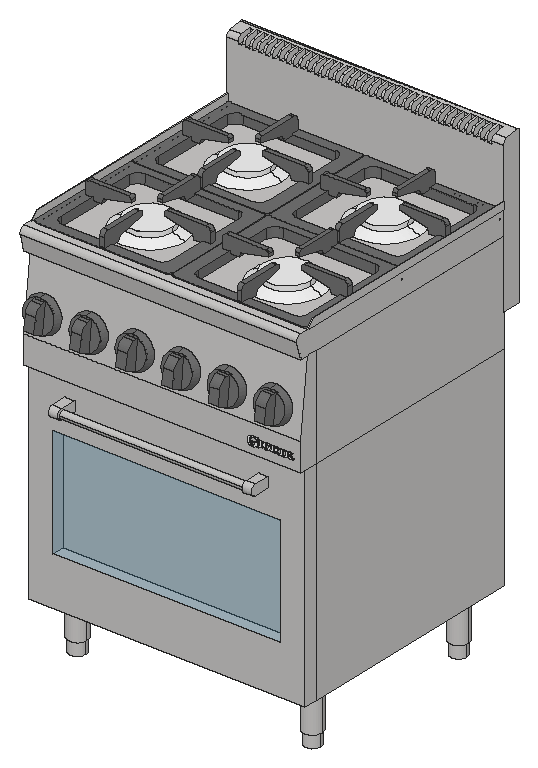
Revit family "QF_GIORIK_LPG694E", category Specialty Equipment, Revit 2014 (continued)
Lines and regions (mm)
  symbolic lines, style "200-EquipInternal-2D"
    curve 284: arc (453.85, -362.674, 990) -> (501.883, -384.474, 990) -> (523.683, -432.507, 990) r 75
    curve 285: arc (443.85, -362.674, 990) -> (395.817, -384.474, 990) -> (374.017, -432.507, 990) r 75
    curve 286: arc (374.017, -442.507, 990) -> (395.817, -490.54, 990) -> (443.85, -512.34, 990) r 75
    curve 287: arc (453.85, -512.34, 990) -> (501.883, -490.54, 990) -> (523.683, -442.507, 990) r 75
    curve 288: arc (348.85, -550.007, 990) -> (334.708, -544.149, 990) -> (328.85, -530.007, 990) r 20
    curve 289: arc (568.85, -530.007, 990) -> (562.992, -544.149, 990) -> (548.85, -550.007, 990) r 20
    curve 290: arc (548.85, -325.007, 990) -> (562.992, -330.865, 990) -> (568.85, -345.007, 990) r 20
    curve 291: arc (328.85, -345.007, 990) -> (334.708, -330.865, 990) -> (348.85, -325.007, 990) r 20
    curve 292: line (328.85, -345.007, 990) -> (328.85, -432.507, 990)
    curve 293: line (328.85, -442.507, 990) -> (328.85, -530.007, 990)
    curve 294: line (348.85, -550.007, 990) -> (443.85, -550.007, 990)
    curve 295: line (453.85, -550.007, 990) -> (548.85, -550.007, 990)
    curve 296: line (568.85, -530.007, 990) -> (568.85, -442.507, 990)
    curve 297: line (568.85, -432.507, 990) -> (568.85, -345.007, 990)
    curve 298: line (348.85, -325.007, 990) -> (443.85, -325.007, 990)
    curve 299: line (453.85, -325.007, 990) -> (548.85, -325.007, 990)
    curve 300: line (587.85, -305.007, 990) -> (309.85, -305.007, 990)
    curve 301: line (299.85, -560.007, 990) -> (299.85, -315.007, 990)
    curve 302: arc (309.85, -305.007, 990) -> (302.779, -307.936, 990) -> (299.85, -315.007, 990) r 10
    curve 303: arc (299.85, -295.007, 990) -> (302.779, -302.078, 990) -> (309.85, -305.007, 990) r 10
    curve 304: arc (299.85, -315.007, 990) -> (296.921, -307.936, 990) -> (289.85, -305.007, 990) r 10
    curve 305: arc (11.85, -305.007, 990) -> (4.779, -307.936, 990) -> (1.85, -315.007, 990) r 10
    curve 306: arc (1.85, -560.007, 990) -> (4.779, -567.078, 990) -> (11.85, -570.007, 990) r 10
    curve 307: line (11.85, -570.007, 990) -> (289.85, -570.007, 990)
    curve 308: arc (289.85, -570.007, 990) -> (296.921, -567.078, 990) -> (299.85, -560.007, 990) r 10
    curve 309: arc (299.85, -560.007, 990) -> (302.779, -567.078, 990) -> (309.85, -570.007, 990) r 10
    curve 310: line (309.85, -570.007, 990) -> (587.85, -570.007, 990)
    curve 311: arc (587.85, -570.007, 990) -> (594.921, -567.078, 990) -> (597.85, -560.007, 990) r 10
    curve 312: line (597.85, -560.007, 990) -> (597.85, -315.007, 990)
    curve 313: arc (587.85, -305.007, 990) -> (594.921, -302.078, 990) -> (597.85, -295.007, 990) r 10
    curve 314: arc (597.85, -315.007, 990) -> (594.921, -307.936, 990) -> (587.85, -305.007, 990) r 10
    curve 315: line (597.85, -295.007, 990) -> (597.85, -50.007, 990)
    curve 316: arc (597.85, -50.007, 990) -> (594.921, -42.936, 990) -> (587.85, -40.007, 990) r 10
    curve 317: line (145.85, -44.007, 990) -> (155.85, -44.007, 990)
    curve 318: line (114.85, -167.507, 990) -> (14.85, -167.507, 990)
    curve 319: line (14.85, -177.507, 990) -> (114.85, -177.507, 990)
    curve 320: line (14.85, -167.507, 990) -> (14.85, -177.507, 990)
    curve 321: line (145.85, -301.007, 990) -> (155.85, -301.007, 990)
    curve 322: line (155.85, -309.007, 990) -> (145.85, -309.007, 990)
    curve 323: line (155.85, -301.007, 990) -> (155.85, -201.007, 990)
    curve 324: line (145.85, -201.007, 990) -> (145.85, -301.007, 990)
    curve 325: line (186.85, -177.507, 990) -> (286.85, -177.507, 990)
    curve 326: line (286.85, -167.507, 990) -> (186.85, -167.507, 990)
    curve 327: line (286.85, -177.507, 990) -> (286.85, -167.507, 990)
    curve 328: line (312.85, -167.507, 990) -> (312.85, -177.507, 990)
    curve 329: line (412.85, -167.507, 990) -> (312.85, -167.507, 990)
    curve 330: line (312.85, -177.507, 990) -> (412.85, -177.507, 990)
    curve 331: line (453.85, -44.007, 990) -> (443.85, -44.007, 990)
    curve 332: line (443.85, -44.007, 990) -> (443.85, -144.007, 990)
    curve 333: line (453.85, -144.007, 990) -> (453.85, -44.007, 990)
    curve 334: line (584.85, -177.507, 990) -> (584.85, -167.507, 990)
    curve 335: line (584.85, -167.507, 990) -> (484.85, -167.507, 990)
    curve 336: line (484.85, -177.507, 990) -> (584.85, -177.507, 990)
    curve 337: line (453.85, -301.007, 990) -> (453.85, -201.007, 990)
    curve 338: line (443.85, -201.007, 990) -> (443.85, -301.007, 990)
    curve 339: line (443.85, -301.007, 990) -> (453.85, -301.007, 990)
    curve 340: line (453.85, -309.007, 990) -> (443.85, -309.007, 990)
    curve 341: line (453.85, -409.007, 990) -> (453.85, -309.007, 990)
    curve 342: line (443.85, -309.007, 990) -> (443.85, -409.007, 990)
    curve 343: line (584.85, -442.507, 990) -> (584.85, -432.507, 990)
    curve 344: line (584.85, -432.507, 990) -> (484.85, -432.507, 990)
    curve 345: line (484.85, -442.507, 990) -> (584.85, -442.507, 990)
    curve 346: line (443.85, -566.007, 990) -> (453.85, -566.007, 990)
    curve 347: line (443.85, -466.007, 990) -> (443.85, -566.007, 990)
    curve 348: line (453.85, -566.007, 990) -> (453.85, -466.007, 990)
    curve 349: line (312.85, -442.507, 990) -> (412.85, -442.507, 990)
    curve 350: line (412.85, -432.507, 990) -> (312.85, -432.507, 990)
    curve 351: line (312.85, -432.507, 990) -> (312.85, -442.507, 990)
    curve 352: line (286.85, -442.507, 990) -> (286.85, -432.507, 990)
    curve 353: line (286.85, -432.507, 990) -> (186.85, -432.507, 990)
    curve 354: line (186.85, -442.507, 990) -> (286.85, -442.507, 990)
    curve 355: line (145.85, -566.007, 990) -> (155.85, -566.007, 990)
    curve 356: line (145.85, -466.007, 990) -> (145.85, -566.007, 990)
    curve 357: line (155.85, -566.007, 990) -> (155.85, -466.007, 990)
    curve 358: line (14.85, -432.507, 990) -> (14.85, -442.507, 990)
    curve 359: line (114.85, -432.507, 990) -> (14.85, -432.507, 990)
    curve 360: line (14.85, -442.507, 990) -> (114.85, -442.507, 990)
    curve 361: line (145.85, -309.007, 990) -> (145.85, -409.007, 990)
    curve 362: line (155.85, -409.007, 990) -> (155.85, -309.007, 990)
  symbolic lines, style "QF_Door-Drawer Clearances", visible <- "Show Clearance", detail levels coarse
    curve 6: line (0, -600, 990) -> (0, -1038.047, 990)
    curve 7: line (0, -1038.047, 990) -> (600, -1038.047, 990)
  symbolic lines, style "QF_Door-Drawer Clearances", visible <- "Show Logo", detail levels coarse
    curve 8: line (600, -1038.047, 990) -> (600, -600, 990)
Dimensions and locks
  plane 3 "Left" to plane 4 "Right" = 600 mm
  plane 5 "Front" to plane 1 "Back" = 600 mm
  plane 4 "Right" to plane 3 "Left" = 600 mm
  plane 1 "Back" to plane 5 "Front" = 600 mm
  plane 6 "Top" to level = 990 mm  (x2)
  aligned and locked: level to plane 2
Connectors
  electrical at (530, -20.007, 610), driven by "Apparent Power", driven by "Volts", driven by "Number of Poles"
    settings: on Extrusion 30, index 1, voltage 230 V, apparent load 0 VA, apparent load phase1 2200 VA, apparent load phase2 0 VA, apparent load phase3 0 VA, power factor 1, load classification "Other", number of poles 1, system type 31, power factor state 1, is connector primary yes, connector utility no, sub classification motor no, connector description "Electrical coonection"
